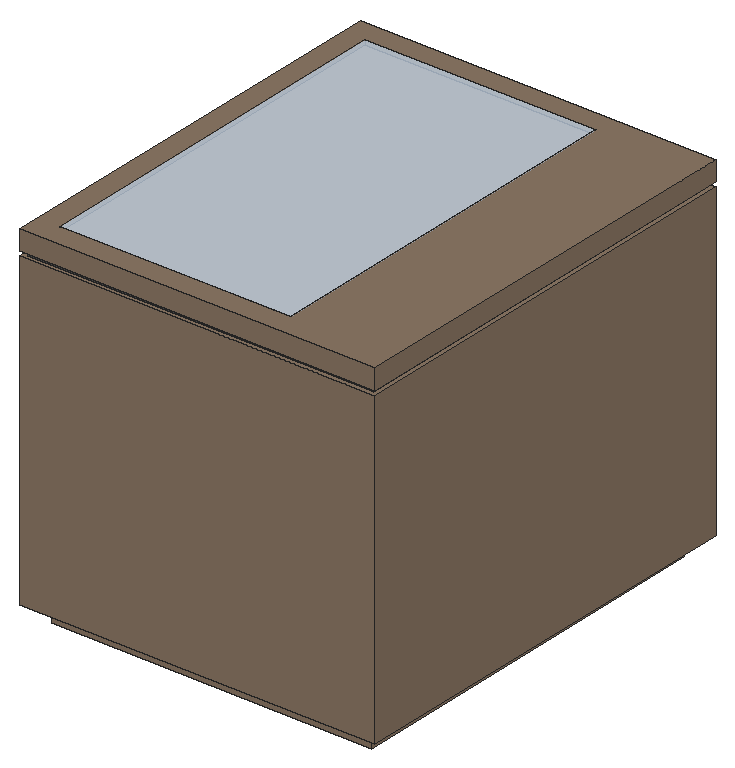
Revit family
Parameters
  URL = "http://www.martinbrattrud.com"
  Table Glass [instance] = none
  Table [instance] = none
  SCS Certified Product = "Yes"
  Model = "Manele 2003-01R"
  Manufacturer = "Martin Brattrud, Inc."
  Keynote = "125000"
  Copyright = "© 2013 Martin Brattrud, Inc."
  Authoring Version = "Revit Architecture 2010"
  Assembly Code = "E2020200"
Reference planes (in)
  plane 1: z = 0
Forms (in)
  Extrusion 1, solid, material <- "Table"
    sketch origin (0, 0, 0) x (1, 0, 0) y (0, 1, 0)
      loop
        line (-9, 11) -> (-9, -11) -> (9, -11) -> (9, 11) -> (-9, 11)
    from 0 to 1
  Extrusion 2, solid, material <- "Table"
    sketch origin (0, 0, 0) x (1, 0, 0) y (0, 1, 0)
      loop
        line (-10, 12) -> (-10, -12) -> (10, -12) -> (10, 12) -> (-10, 12)
    from 1 to 18.62
  Extrusion 3, solid, material <- "Table"
    sketch origin (0, 0, 0) x (1, 0, 0) y (0, 1, 0)
      loop
        line (-10, 12) -> (-10, -12) -> (10, -12) -> (10, 12) -> (-10, 12)
    from 18.87 to 20
  Extrusion 4, solid, material <- "Table"
    sketch origin (0, 0, 0) x (1, 0, 0) y (0, 1, 0)
      loop
        line (9.75, -11.75) -> (9.75, 11.75) -> (-9.75, 11.75) -> (-9.75, -11.75) -> (9.75, -11.75)
    from 18.62 to 18.87
  Extrusion 5, void
    sketch origin (0, 0, 0) x (1, 0, 0) y (0, 1, 0)
      loop
        line (-8.75, 10.75) -> (-8.75, -10.75) -> (4.25, -10.75) -> (4.25, 10.75) -> (-8.75, 10.75)
    from 19.75 to 20
  Extrusion 6, solid, material <- "Table Glass"
    sketch origin (0, 0, 0) x (1, 0, 0) y (0, 1, 0)
      loop
        line (4.25, 10.75) -> (-8.75, 10.75) -> (-8.75, -10.75) -> (4.25, -10.75) -> (4.25, 10.75)
    from 19.75 to 20
Cuts and joins
  Extrusion 5 cuts Extrusion 1
  Extrusion 5 cuts Extrusion 2
  Extrusion 5 cuts Extrusion 3
